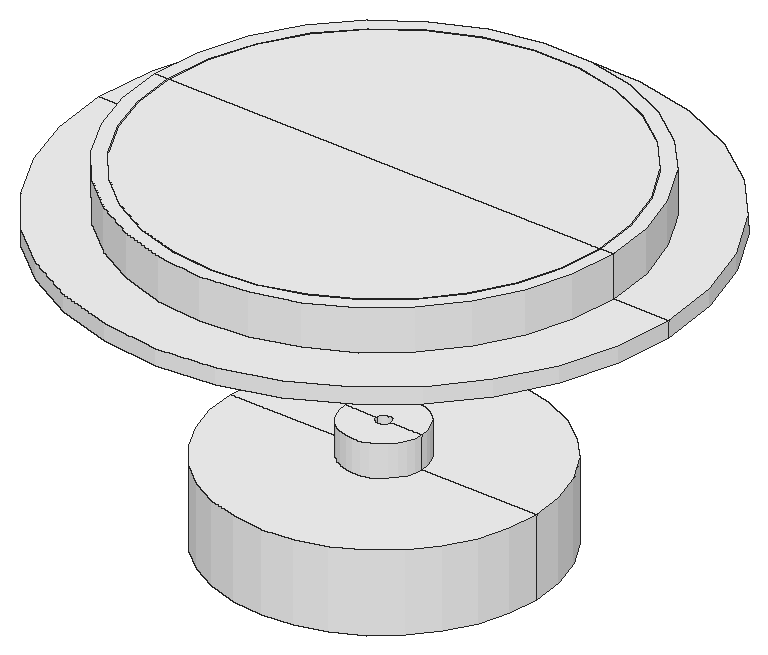
Revit family "Plumbing Fixture-FloorDrain_Mifab_C1440-R", category Plumbing Fixtures, host Face, Revit 2013
Parameters (values of type "4"")
  WFU = 0
  URL = "WWW.MIFAB.COM"
  Top Assembly Height = 3.000"
  Strainer Radius = Stainer Diameter / 2  # 3.000"
  Stainer Diameter = 6.000"
  Pipe Radius = Pipe Diameter / 2  # 2.000"
  Pipe Diameter = 4.000"
  Model = "C1440-R"
  Manufacturer = "MIFAB"
  Floor Drain Material = Paint - Sherwin Williams Paint - #952C2A - Bellwood Red
  Description = "EXPANDABLE LINE CLEANOUT WITH ROUND, NICKEL BRONZE WALL\r\nACCESS PANEL"
  Default Elevation = 0.000"
  Body Height = 1.400"
Types (5): name | Pipe Radius | Pipe Diameter
  (no name) | 2.000" | 4.000"
  3" | 1.500" | 3.000"
  2" | 1.000" | 2.000"
  4" | 2.000" | 4.000"
  1.5" | 0.750" | 1.500"
Reference planes (in)
  plane 1 "Center (Front/Back)": y = 0
  plane 2: z = 0
  plane 3 "Center (Left/Right)": x = 0
  plane 4: x = -3
  plane 5: x = 3
  plane 6: z = -4.4
  plane 7: x = -2
  plane 8: x = 2
  plane 9: x = -2.31968
  plane 10: x = 2.31968
  plane 11: z = -3
Forms (in)
  Revolve 1, solid, material "Paint - Sherwin Williams Paint - #952C2A - Bellwood Red" <- "Floor Drain Material"
    sketch origin (0, 0, 0) x (1, 0, 0) y (0, 0, 1)
      loop
        line (-0.095, -3.55) -> (-0.095, -3) -> (-0.5, -3) -> (-0.5, -3.4) -> (-2, -3.4) -> (-2, -4.4) -> (-1.7, -4.4) -> (-1.7, -3.55) -> (-0.095, -3.55)
      axis (0, -4.4) -> (0, -3)
    angle from 0 to 360
  Revolve 2, solid, material "Paint - Sherwin Williams Paint - #952C2A - Bellwood Red" <- "Floor Drain Material"
    sketch origin (0, 0, 0) x (1, 0, 0) y (0, 0, 1)
      loop
        line (-2.824, 0) -> (-3, 0) -> (-3, -0.525) -> (-3.724, -0.525) -> (-3.724, -0.725) -> (-2.824, -0.725) -> (-2.824, -0.325) -> (-2.2, -0.325) -> (-2.2, -0.2) -> (-2.824, -0.2) -> (-2.824, 0)
      axis (0, 0) -> (0, -0.725)
    angle from 0 to 360
  Revolve 3, solid, material "Paint - Sherwin Williams Paint - #952C2A - Bellwood Red" <- "Floor Drain Material"
    sketch origin (0, 0, 0) x (1, 0, 0) y (0, 0, 1)
      loop
        line (-2.824, 0) -> (-2.824, -0.2) -> (0, -0.2) -> (0, 0) -> (-2.824, 0)
      axis (0, -0.2) -> (0, 0)
    angle from 0 to 360
Lines and regions (in)
  symbolic lines
    curve 1: circle (0, 0, 0) r 3 normal (0, 0, 1)
Dimensions and locks (in)
  equal spacing: plane 5, plane 3 "Center (Left/Right)", plane 4
  "Stainer Diameter": plane 5 to plane 4
  "Body Height": plane 11 to plane 6
  equal spacing: plane 8, plane 3 "Center (Left/Right)", plane 7
  "Pipe Diameter": plane 8 to plane 7
  "Top Assembly Height": host face to plane 11
  locked: Revolve 1 sketch curve to Revolve 1 sketch curve at 0.3
  locked: Revolve 1 sketch curve to Revolve 1 sketch curve at 0.095
  locked: Revolve 1 sketch curve to Revolve 1 sketch curve at 0.55
  locked: Revolve 1 sketch curve to Revolve 1 sketch curve at 0.15
  locked: Revolve 1 sketch curve to Revolve 1 sketch curve at 0.5
  locked: Revolve 2 sketch curve to Revolve 2 sketch curve at 0.2
  locked: Revolve 2 sketch curve to Revolve 2 sketch curve at 0.176
  locked: Revolve 2 sketch curve to Revolve 2 sketch curve at 0.525
  locked: Revolve 2 sketch curve to Revolve 2 sketch curve at 0.4
  locked: Revolve 2 sketch curve to Revolve 2 sketch curve at 0.125
  locked: host face to Revolve 2 at 0.2
  "Strainer Radius": radius of curve 1
  aligned and locked: plane 2 to host face
  aligned and locked: level to host face
  aligned and locked: plane 1 "Center (Front/Back)" to curve 1
  aligned and locked: plane 3 "Center (Left/Right)" to curve 1
  aligned and locked: Revolve 1 to plane 11
  aligned and locked: Revolve 1 sketch curve to plane 7
  aligned and locked: Revolve 1 sketch curve to plane 6
  aligned and locked: plane 11 to Revolve 1 sketch curve
  aligned and locked: Revolve 2 sketch curve to plane 3 "Center (Left/Right)"
  aligned and locked: Revolve 3 sketch curve to Revolve 2
Automatic sketch dimensions
  host sketch curve to host sketch curve = 96.000"  (x2)
  Revolve 1 sketch curve to plane 3 "Center (Left/Right)" = 0.000"
  Revolve 1 sketch curve to plane 6 = 2.500"
  level to Revolve 1 sketch curve = 5.050"
  Revolve 2 sketch curve to plane 4 = 0.000"
  Revolve 2 sketch curve to level = 0.000"
  Revolve 2 sketch curve to plane 4 = 0.724"
  plane 4 to Revolve 2 sketch curve = 0.176"
  Revolve 2 sketch curve to plane 9 = 0.11968"
  Revolve 2 sketch curve to level = 0.725"
  level to Revolve 2 sketch curve = 1.09867"
  Revolve 3 sketch curve to level = 0.000"
  Revolve 3 sketch curve to plane 3 "Center (Left/Right)" = 0.000"  (x2)
  plane 4 to Revolve 3 sketch curve = 0.176"
  Revolve 3 sketch curve to Revolve 3 sketch curve = 0.125"
  Revolve 3 sketch curve to Revolve 3 sketch curve = 1.175"
  plane 1 "Center (Front/Back)" to curve 1 = 0.000"
  curve 1 to plane 3 "Center (Left/Right)" = 0.000"
Connectors (in)
  piping at (0, 0, -4.4), driven by "Pipe Radius"
    settings: on Revolve 1, index 1, connector radius 2", flow factor 0, pipe flow 0 GPM, pressure drop 0.00 psi, fitting loss kfactor 0, connector angle 0.00°, fixture units 0, engagement length 0.000", flow configuration 0, flow direction 0, fitting loss method 0, system type 7, joint type 0, gender type 0, connector reference index -1, connector utility 0, adjustable connector no, is connector primary yes, fitting loss table "", connector description ""
